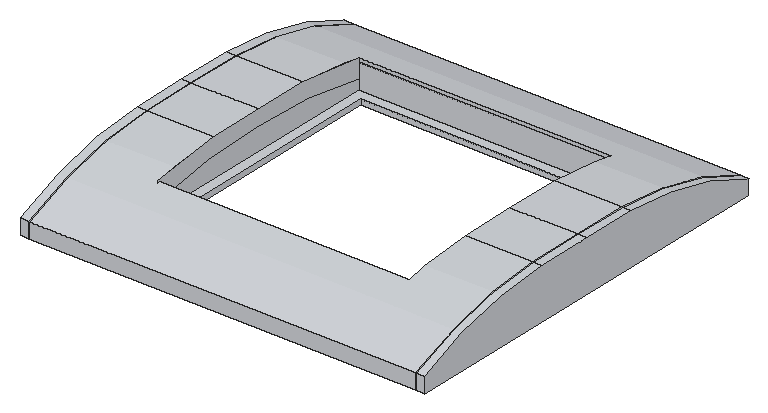
Revit family "Gira_1002395", category Electrical Fixtures, host Face, Revit 2017
Family settings
  Host = Face
  Maintain Annotation Orientation = No
  Round Connector Dimension = Use Diameter
  Part Type = Normal
  Cut with Voids When Loaded = No
  Shared = No
  Room Calculation Point = No
Parameters (values of type "Cov.fr. 2-g w/o cb interm.fr. PW Gira Event Opaque mint")
  With mounting grid = "No"
  With hinged lid = "No"
  URL = "http://katalog.gira.de/en/datenblatt.html?artikelnr=1002395"
  Type of fastening = "Clamp mounting"
  Transparent = "No"
  Surface protection = "Other"
  Suitable for wall duct = "No"
  Suitable for flush-mounted installation = "Yes"
  Suitable for floor box = "No"
  Suitable for built-in installation = "No"
  Number of units vertical = "2"
  Number of units horizontal = "2"
  Number of units = "2"
  Name = "Cov.fr. 2-g w/o cb interm.fr. PW Gira Event Opaque mint"
  Mounting direction = "Horizontal and vertical"
  Material quality = "Thermoplastic"
  Material = "Plastic"
  Manufacturer URL = "https://www.gira.de/"
  Manufacturer = "Gira"
  Label space/information surface = "No"
  Keynote = ""
  HeinzeBIM = "https://bimportal.heinze.de/bim/cov-fr-2-g-w-o-cb-interm-fr-pw-gira-event-opaque-mint/4918ad8bd0289ceab79f9a53f4356202b9222b1c"
  Halogen free = "Yes"
  HAN = "1002395"
  GTIN = "4010337074496"
  Description = "Cov.fr.2g w o cb i.fr.PW EvOp MI,Gira Event Opaque frames,mint with pure white glossy intermediate frame,2-gang without crossbar,Features:,- Shatter-proof."
  Degree of protection (IP) = "IP20"
  Default Elevation = 1219.2 mm
  Data sheet (1) = "https://katalog.gira.de/en/download.html?artikelnr=1002395"
  Colour = "Other"
  Category = "Cover frame for domestic switching devices"
  BIM (1) = "https://media.stage.bim.site/public/gira/36a6b08/Event_Rahmen_2fach o.Mittelsteg.rfa?public/gira/36a6b08/Event_Rahmen_2fach o.Mittelsteg.rfa"
  Available = "No"
Reference planes
  plane 1 "Center (Front/Back)": y = 0
  plane 2: z = 0
  plane 3 "Center (Left/Right)": x = 0
Forms (mm)
  Extrusion 1, solid, detail levels fine
    sketch origin (0, 0, 1.55) x (0, 1, 0) y (0, 0, 1)
      loop
        arc (12.445, 9.683) -> (6.223, 9.833) -> (0, 9.85) r 291.636
        arc (0, 9.85) -> (-6.223, 9.833) -> (-12.445, 9.683) r 291.636
        arc (-12.445, 9.683) -> (-29.14, 7.482) -> (-45, 1.823) r 79.728
        line (-45, 1.823) -> (-45, -1.55) -> (-41.777, -1.55) -> (-41.777, -0.55)
        arc (-41.777, -0.55) -> (-21.205, 4.846) -> (0, 6.467) r 118.15
        arc (0, 6.467) -> (21.205, 4.846) -> (41.777, -0.55) r 118.15
        line (41.777, -0.55) -> (41.777, -1.55) -> (45, -1.55) -> (45, 1.823)
        arc (45, 1.823) -> (29.14, 7.482) -> (12.445, 9.683) r 79.728
    from -43 to 43
  Extrusion 2, void, detail levels fine
    sketch origin (0, 0, 0) x (1, 0, 0) y (0, 1, 0)
      loop
        line (-28, -28) -> (28, -28) -> (28, 28) -> (-28, 28) -> (-28, -28)
    from 2.85 to 12
  Extrusion 3, solid, detail levels coarse
    sketch origin (0, 0, 0) x (1, 0, 0) y (0, 1, 0)
      loop
        line (-45, 45) -> (-45, -45) -> (45, -45) -> (45, 45) -> (-45, 45)
    from 0 to 11.4
  Extrusion 4, solid, detail levels medium
    sketch origin (0, 0, 1.55) x (0, 1, 0) y (0, 0, 1)
      loop
        arc (12.445, 9.683) -> (6.223, 9.833) -> (0, 9.85) r 291.636
        arc (0, 9.85) -> (-6.223, 9.833) -> (-12.445, 9.683) r 291.636
        arc (-12.445, 9.683) -> (-29.14, 7.482) -> (-45, 1.823) r 79.728
        line (-45, 1.823) -> (-45, -1.55) -> (45, -1.55) -> (45, 1.823)
        arc (45, 1.823) -> (29.14, 7.482) -> (12.445, 9.683) r 79.728
    from -45 to 45
  Extrusion 5, solid, detail levels fine
    sketch origin (0, 0, 0) x (0, 1, 0) y (0, 0, 1)
      loop
        arc (45, 3.373) -> (29.14, 9.032) -> (12.445, 11.233) r 79.728
        arc (12.445, 11.233) -> (6.223, 11.383) -> (0, 11.4) r 291.636
        arc (0, 11.4) -> (-6.223, 11.383) -> (-12.445, 11.233) r 291.636
        arc (-12.445, 11.233) -> (-29.14, 9.032) -> (-45, 3.373) r 79.728
        line (-45, 3.373) -> (-45, 0) -> (45, 0) -> (45, 3.373)
    from 43 to 45
  Extrusion 6, solid, detail levels fine
    sketch origin (0, 0, 0) x (0, 1, 0) y (0, 0, -1)
      loop
        line (45, -3.373) -> (45, 0) -> (-45, 0) -> (-45, -3.373)
        arc (-45, -3.373) -> (-29.14, -9.032) -> (-12.445, -11.233) r 79.728
        arc (-12.445, -11.233) -> (-6.223, -11.383) -> (0, -11.4) r 291.636
        arc (0, -11.4) -> (6.223, -11.383) -> (12.445, -11.233) r 291.636
        arc (12.445, -11.233) -> (29.14, -9.032) -> (45, -3.373) r 79.728
    from 43 to 45
  Extrusion 7, solid, detail levels fine
    sketch origin (0, 0, 0) x (1, 0, 0) y (0, 1, 0)
      loop
        line (-25.7, 25.7) -> (-25.7, -25.7) -> (25.7, -25.7) -> (25.7, 25.7) -> (-25.7, 25.7)
      loop
        line (-29.495, 27.895) -> (-29.495, -27.895)
        spline (-29.495, -27.895) -> (-29.486, -28.025) -> (-29.461, -28.154) -> (-29.419, -28.278) -> (-29.361, -28.395) -> (-29.288, -28.504) -> (-29.202, -28.602) -> (-29.104, -28.688) -> (-28.995, -28.761) -> (-28.878, -28.819) -> (-28.754, -28.861) -> (-28.625, -28.886) -> (-28.495, -28.895)
        line (-28.495, -28.895) -> (28.495, -28.895)
        spline (28.495, -28.895) -> (28.625, -28.886) -> (28.754, -28.861) -> (28.878, -28.819) -> (28.995, -28.761) -> (29.104, -28.688) -> (29.202, -28.602) -> (29.288, -28.504) -> (29.361, -28.395) -> (29.419, -28.278) -> (29.461, -28.154) -> (29.486, -28.025) -> (29.495, -27.895)
        line (29.495, -27.895) -> (29.495, 27.895)
        spline (29.495, 27.895) -> (29.486, 28.025) -> (29.461, 28.154) -> (29.419, 28.278) -> (29.361, 28.395) -> (29.288, 28.504) -> (29.202, 28.602) -> (29.104, 28.688) -> (28.995, 28.761) -> (28.878, 28.819) -> (28.754, 28.861) -> (28.625, 28.886) -> (28.495, 28.895)
        line (28.495, 28.895) -> (-28.495, 28.895)
        spline (-28.495, 28.895) -> (-28.625, 28.886) -> (-28.754, 28.861) -> (-28.878, 28.819) -> (-28.995, 28.761) -> (-29.104, 28.688) -> (-29.202, 28.602) -> (-29.288, 28.504) -> (-29.361, 28.395) -> (-29.419, 28.278) -> (-29.461, 28.154) -> (-29.486, 28.025) -> (-29.495, 27.895)
    from 1.673 to 8.5
Cuts and joins
  Extrusion 2 cuts Extrusion 1
  Extrusion 2 cuts Extrusion 7
Dimensions and locks
  aligned and locked: plane 2 to host face
  aligned and locked: level to host face
